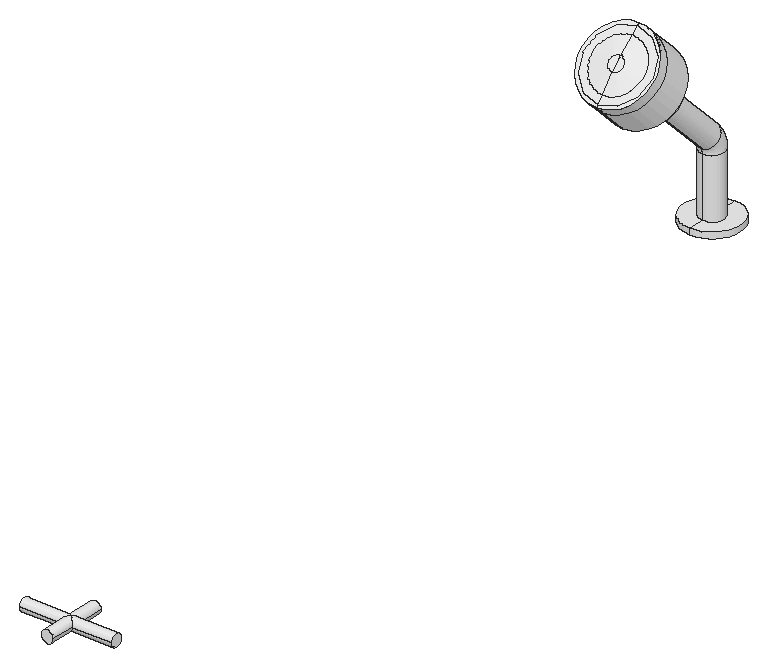
Revit family "Shower-Bath-American_Standard-Aspirations-TU061508_Series", category Plumbing Fixtures, host Face, Revit 2019
Family settings
  Host = Face
  Round Connector Dimension = Use Radius
  Part Type = Normal
  OmniClass Number = 23.45.05.14.17
  OmniClass Title = Showers
  Cut with Voids When Loaded = No
  Shared = Yes
  Room Calculation Point = No
Parameters (values of type "TU064501")
  Width = 7 1/4"  # constant formula
  Waste Connection = no
  Warranty Information = "Limited Lifetime Function and Finish Warranty."  # constant formula
  WFU = 4  # constant formula
  Vent Connection = no
  Valve = yes
  URL = "http://www.americanstandard-us.com/"
  Type Comments = ""
  Spout Connection Size = if(Bath, 1/4", 0")  # 0"
  Spout Connection Description = if(Bath, "1/2'' Global Inlet Connection", "")  # ""
  Specification = "Bath/shower fitting shall feature 3-function showerhead with Max. 2.5gpm/9.5L/min. flow rate. Shall feature double ceramic pressure balance cartridge which is capable of back-to-back installation. Cartridge shall feature integrated check valves to eliminate cross flow. Capable of meeting ASSE1016 @1.3gpm Cartridge shall also feature hot limit safety stop."  # constant formula
  Shower Connection Size = if(Shower, 1/4", 0")  # 1/4"
  Shower Connection Description = if(Shower, "1/2'' Global Inlet Connection", "")  # "1/2'' Global Inlet Connection"
  Shower = yes
  Product Page URL = "https://www.americanstandard-us.com/bathroom/shower-faucets/serin-shower-only-trim-kit-with-cartridge-34372"
  Product Documentation Link = "https://www.americanstandard-us.com/-/media/sites/asus/files/product-specs/shower-faucets/2018-flash/berwick-tub-shower-trim-kit-tu43050x/specsheet-tu430500-tu430501-tu430502.pdf?la=en"
  Price = "Prices may vary. Please consult Manufacturer Representative for most up-to-date price list."  # constant formula
  Model = "TU064501"
  Material = "Brass-American Standard-002-Polished Chrome"
  Manufacturer = "American Standard"  # constant formula
  Length = 4 7/8"  # constant formula
  Installation Type = "Wall Mounted"  # constant formula
  Hot Water Connection Radius = 1/4"  # constant formula
  Hot Water Connection Height = 44"  # constant formula
  Hot Water Connection Diameter = Hot Water Connection Radius * 2  # 1/2"
  Height = 78"  # constant formula
  HWFU = 3  # constant formula
  HW Connection = yes
  Flow Rate = "2.5 gpm (9.5 L/min.)"
  Finish = Metal-American Standard-002-Polished Chrome
  Diverter_Spout Outlet Description = if(Bath, "1/2'' Global Outlet Connection", "")  # ""
  Diverter_Spout Connection = if(Bath, 1/4", 0")  # 0"
  Diverter_Shower Outlet Description = if(Shower, "1/2'' Global Outlet Connection", "")  # "1/2'' Global Outlet Connection"
  Diverter_Shower Connection = if(Shower, 1/4", 0")  # 1/4"
  Description = "TU064501 Serin SHOWER ONLY Trim Kit with Pressure Balance Cartridge Lever handle. LESS valve body."
  Default Elevation = 0"
  Creation Date = "10/05/2018"  # constant formula
  Cold Water Connection Radius = 1/4"  # constant formula
  Cold Water Connection Height = Hot Water Connection Height  # 44"
  Cold Water Connection Diameter = Cold Water Connection Radius * 2  # 1/2"
  CWFU = 3  # constant formula
  CW Connection = yes
  Bath = no
  Assembly Code = "D2020300"
  ADA Compliant = yes
Types (4): name | Spout Connection Size | Spout Connection Description | Shower Connection Size | Shower Connection Description | Shower | Model | Material | Diverter_Spout Outlet Description | Diverter_Spout Connection | Diverter_Shower Outlet Description | Diverter_Shower Connection | Description | Bath
  (no name) | 0" | "" | 1/4" | "1/2'' Global Inlet Connection" | yes | "TU064501" | "Brass-American Standard-002-Polished Chrome" | "" | 0" | "1/2'' Global Outlet Connection" | 1/4" | "TU064501 Serin SHOWER ONLY Trim Kit with Pressure Balance Cartridge Lever handle. LESS valve body." | no
  TU064502 | 1/4" | "1/2'' Global Inlet Connection" | 1/4" | "1/2'' Global Inlet Connection" | yes | "TU064502" | "Metal-American Standard-002-Polished Chrome" | "1/2'' Global Outlet Connection" | 1/4" | "1/2'' Global Outlet Connection" | 1/4" | "TU064502 Serin BATH/SHOWER Trim Kit with Pressure Balance Cartridge Lever handle. LESS valve body." | yes
  TU064501 | 0" | "" | 1/4" | "1/2'' Global Inlet Connection" | yes | "TU064501" | "Brass-American Standard-002-Polished Chrome" | "" | 0" | "1/2'' Global Outlet Connection" | 1/4" | "TU064501 Serin SHOWER ONLY Trim Kit with Pressure Balance Cartridge Lever handle. LESS valve body." | no
  TU064500 | 0" | "" | 0" | "" | no | "TU430500" | "Brass-American Standard-002-Polished Chrome" | "" | 0" | "" | 0" | "TU064500 Serin VALVE ONLY Trim Kit with Pressure Balance Cartridge Lever handle. LESS valve body." | no
Reference planes (in)
  plane 1 "Center (Front/Back)": y = -48
  plane 2: z = 0
  plane 3 "Center (Left/Right)": x = 0
  plane 4: x = 4
  plane 5: x = -4
  plane 6: y = 30
  plane 7: y = -27
  plane 8: z = 0.70746
  plane 9: y = -4
  plane 10 "masking": y = -0.375
  plane 11: y = -7.625
  plane 12: z = 8.125
  plane 13: y = 31.1875
  plane 14: y = 28.8125
  plane 15: y = 25
  plane 16: z = 6.625
  plane 17: z = 2.12143
Forms (in)
  Extrusion 1, solid, material "Metal-American Standard-002-Polished Chrome"
    sketch origin (0, -9, 0) x (0, 1, 0) y (0, 0, 1)
      loop
        circle (5, -0.32281) r 0.25
    from -1.96178 to 1.9424
  Extrusion 2, solid, material "Metal-American Standard-002-Polished Chrome"
    sketch origin (0, -48, 0) x (1, 0, 0) y (0, 0, 1)
      loop
        circle (0, -0.31947) r 0.25
    from -45.28303 to -42.76103
  Sweep 3, solid, material "Metal-American Standard-002-Polished Chrome", visible <- "Shower"
    path origin (0, -15.40647, 0) x (0, 0, -1) y (0, 1, 0)
      loop
        line (0, 45.40647) -> (-2.77727, 45.40647)
        arc (-2.77727, 45.40647) -> (-3.10664, 45.34095) -> (-3.38587, 45.15438) r 0.8607
        line (-3.38587, 45.15438) -> (-5.9827, 42.55755)
    profile origin (0, 30, 1.38863) x (0, -1, 0) y (1, 0, 0)
      loop
        circle (0, 0) r 0.5
  Revolve 4, solid, material "Metal-American Standard-002-Polished Chrome", visible <- "Shower"
    sketch origin (0, -15.91262, 0) x (0, 0, -1) y (0, 1, 0)
      loop
        line (-0.25, 45.91262) -> (0, 45.91262) -> (0, 47.10012) -> (-0.25, 47.10012) -> (-0.25, 45.91262)
      axis (-0.25, 45.91262) -> (0, 45.91262)
    angle from 0 to 360
  Revolve 5, solid, material "Metal-American Standard-002-Polished Chrome", visible <- "Bath"
    sketch origin (0, -37.494, -2.54254) x (0, 0, -1) y (0, 1, 0)
      loop
        line (-3.14305, 10.494) -> (-2.54254, 10.494) -> (-2.54254, 12.00224)
        arc (-2.54254, 12.00224) -> (-2.68103, 11.94488) -> (-2.7384, 11.80638) r 0.19586
        line (-2.7384, 11.80638) -> (-2.7384, 11.50894)
        arc (-2.7384, 11.50894) -> (-2.816, 11.3216) -> (-3.00335, 11.244) r 0.26495
        line (-3.00335, 11.244) -> (-3.14305, 11.244) -> (-3.14305, 10.494)
      axis (-3.14305, 10.494) -> (-2.54254, 10.494)
    angle from 0 to 360
  Revolve 6, solid, material "Metal-American Standard-002-Polished Chrome", visible <- "Bath"
    sketch origin (0, -37.494, -0.79254) x (0, 0, -1) y (0, 1, 0)
      loop
        line (-7.41754, 11.81193) -> (-7.41754, 10.494) -> (-7.26129, 10.494) -> (-7.26129, 10.89171) -> (-7.13629, 10.89171) -> (-7.13629, 11.81193) -> (-7.41754, 11.81193)
      axis (-7.41754, 11.81193) -> (-7.41754, 10.494)
    angle from 0 to 360
  Extrusion 7, solid, material "Metal-American Standard-002-Polished Chrome", visible <- "Shower"
    sketch origin (0, -6, 0) x (1, 0, 0) y (0, 1, 0)
      loop
        circle (0, 36) r 0.25
    from 0 to 0.02683
  Extrusion 8, solid, material "Metal-American Standard-002-Polished Chrome", visible <- "Bath"
    sketch origin (0, -5, 0) x (1, 0, 0) y (0, 1, 0)
      loop
        circle (0, -22) r 0.25
    from 0 to 0.09092
  Revolve 9, solid, material "Metal-American Standard-002-Polished Chrome" <- "Finish", visible <- "Shower"
    sketch origin (0, -5.76562, 1.8125) x (0, 1, 0) y (0, 0, 1)
      loop
        line (33.15108, 3.9202) -> (33.56733, 4.33645) -> (33.21377, 4.69) -> (33.02504, 4.69) -> (32.94263, 4.77241) -> (33.47296, 5.30274) -> (33.02984, 5.74586) -> (33.30654, 6.02257) -> (32.21726, 7.0952) -> (31.89233, 7.43678) -> (31.80829, 7.35274) -> (31.55478, 7.09924)
        arc (31.55478, 7.09924) -> (31.22603, 6.865) -> (30.91271, 6.61049) r 6.39546
        line (30.91271, 6.61049) -> (30.68675, 6.38453) -> (33.15108, 3.9202)
      axis (30.68675, 6.38453) -> (33.15108, 3.9202)
    angle from 0 to 360
  Sweep 10, solid, material "Metal-American Standard-002-Polished Chrome" <- "Finish", visible <- "Bath"
    path origin (0, 0, 0) x (0, 1, 0) y (0, 0, 1)
      loop
        line (-27, 0.60052) -> (-27, 5.71442)
        arc (-27, 5.71442) -> (-27.22559, 6.25903) -> (-27.7702, 6.48462) r 0.7702
        line (-27.7702, 6.48462) -> (-28.21638, 6.48462)
    profile origin (0, -27, 3.15747) x (0, -1, 0) y (1, 0, 0)
      loop
        circle (0, 0) r 0.75
  Extrusion 11, solid, material "Metal-American Standard-002-Polished Chrome" <- "Finish", visible <- "Bath"
    sketch origin (0, -48, 0) x (1, 0, 0) y (0, 0, 1)
      loop
        circle (0, 6.48462) r 0.75
      loop
        circle (0, 6.48462) r 0.5
    from -19.78362 to -19.18262
Cuts and joins
  joined: Extrusion 1, Extrusion 2
  joined: Sweep 3, Revolve 4
  joined: Revolve 5, Revolve 6
Lines and regions (in)
  Masking region 1, visible <- "Shower"
    outline origin (0, -0.375, 0) x (-1, 0, 0) y (0, 0, 1)
      loop
        spline (0.50081, 5.48788) -> (0.56011, 5.50844) -> (0.61773, 5.53127) -> (0.67349, 5.5563) -> (0.72723, 5.58345) -> (0.77878, 5.61264) -> (0.828, 5.64378) -> (0.87473, 5.67678) -> (0.91883, 5.71154) -> (0.96017, 5.74796) -> (0.99863, 5.78592) -> (1.03409, 5.82532) -> (1.06645, 5.86603)
        spline (1.06645, 5.86603) -> (1.14687, 5.92079) -> (1.22169, 5.97938) -> (1.29053, 6.04153) -> (1.35306, 6.10693) -> (1.40897, 6.17526) -> (1.458, 6.24618) -> (1.4999, 6.31935) -> (1.53446, 6.39442) -> (1.56151, 6.47101) -> (1.58094, 6.54875) -> (1.59263, 6.62726) -> (1.59653, 6.70615)
        line (1.59653, 6.70615) -> (1.59653, 8.12037)
        spline (1.59653, 8.12037) -> (1.54213, 8.41255) -> (1.38264, 8.68482) -> (1.12892, 8.91863) -> (0.79827, 9.09804) -> (0.41321, 9.21082) -> (0, 9.24928) -> (-0.41321, 9.21082) -> (-0.79827, 9.09804) -> (-1.12892, 8.91863) -> (-1.38264, 8.68482) -> (-1.54213, 8.41255) -> (-1.59653, 8.12037)
        line (-1.59653, 8.12037) -> (-1.59653, 6.70615)
        spline (-1.59653, 6.70615) -> (-1.59263, 6.62726) -> (-1.58094, 6.54875) -> (-1.56151, 6.47101) -> (-1.53446, 6.39442) -> (-1.4999, 6.31935) -> (-1.458, 6.24618) -> (-1.40897, 6.17526) -> (-1.35306, 6.10693) -> (-1.29053, 6.04153) -> (-1.22169, 5.97938) -> (-1.14687, 5.92079) -> (-1.06645, 5.86603)
        spline (-1.06645, 5.86603) -> (-1.03409, 5.82532) -> (-0.99863, 5.78592) -> (-0.96017, 5.74796) -> (-0.91883, 5.71154) -> (-0.87473, 5.67678) -> (-0.828, 5.64378) -> (-0.77878, 5.61264) -> (-0.72723, 5.58345) -> (-0.67349, 5.5563) -> (-0.61773, 5.53127) -> (-0.56011, 5.50844) -> (-0.50081, 5.48788)
        line (-0.50081, 5.48788) -> (-0.50081, 0.25) -> (-1.1875, 0.25) -> (-1.1875, 0) -> (1.18363, 0) -> (1.18363, 0.25) -> (0.50081, 0.25) -> (0.50081, 5.48788)
  Masking region 2, visible <- "Valve"
    outline origin (0, -0.375, 0) x (-1, 0, 0) y (0, 0, 1)
      loop
        line (-3.625, 0.62143) -> (-3.625, 0) -> (3.625, 0) -> (3.625, 0.62143) -> (1.03571, 0.62143) -> (1.03571, 1.52756) -> (1.11158, 1.52756) -> (1.11158, 2.91251) -> (-1.11158, 2.91251) -> (-1.11158, 1.52756) -> (-1.03571, 1.52756) -> (-1.03571, 0.62143) -> (-3.625, 0.62143)
  Masking region 3, visible <- "Bath"
    outline origin (0, -0.375, 0) x (-1, 0, 0) y (0, 0, 1)
      loop
        line (-0.625, 2.91251) -> (0.625, 2.91251) -> (0.625, 6.26278)
        arc (0.625, 6.26278) -> (0.56735, 6.40196) -> (0.42817, 6.45961) r 0.19683
        line (0.42817, 6.45961) -> (-0.42528, 6.45961)
        arc (-0.42528, 6.45961) -> (-0.5665, 6.40111) -> (-0.625, 6.25989) r 0.19972
        line (-0.625, 6.25989) -> (-0.625, 2.91251)
  symbolic lines, visible <- "Shower", detail levels medium+fine
    curve 1: spline (-1.58476, -48, 7.89579) -> (-1.53076, -48, 8.18582) -> (-1.37244, -48, 8.45608) -> (-1.12059, -48, 8.68817) -> (-0.79238, -48, 8.86625) -> (-0.41016, -48, 8.9782) -> (0, -48, 9.01638) -> (0.41016, -48, 8.9782) -> (0.79238, -48, 8.86625) -> (1.12059, -48, 8.68817) -> (1.37244, -48, 8.45608) -> (1.53076, -48, 8.18582) -> (1.58476, -48, 7.89579)
    curve 4: spline (-1.07185, -48, 5.87337) -> (-1.19454, -48, 6.14989) -> (-1.17909, -48, 6.43949) -> (-1.02729, -48, 6.70868) -> (-0.75668, -48, 6.92634) -> (-0.39857, -48, 7.06729) -> (0.00563, -48, 7.11523) -> (0.40918, -48, 7.06462) -> (0.76541, -48, 6.92131) -> (1.03313, -48, 6.70188) -> (1.18137, -48, 6.43169) -> (1.19299, -48, 6.142) -> (1.06665, -48, 5.86631)
  symbolic lines, visible <- "Shower", detail levels fine
    curve 2: spline (-1.58476, -48, 6.84301) -> (-1.48664, -48, 7.11775) -> (-1.29485, -48, 7.36656) -> (-1.02148, -48, 7.57376) -> (-0.68375, -48, 7.7263) -> (-0.30294, -48, 7.81456) -> (0.09695, -48, 7.83299) -> (0.49074, -48, 7.78042) -> (0.8536, -48, 7.66016) -> (1.16269, -48, 7.4798) -> (1.39852, -48, 7.25069) -> (1.54624, -48, 6.98728) -> (1.59653, -48, 6.70615)
    curve 3: spline (-1.20107, -48, 6.77674) -> (-1.13709, -48, 6.98859) -> (-0.99964, -48, 7.1822) -> (-0.7976, -48, 7.34504) -> (-0.54401, -48, 7.4666) -> (-0.25528, -48, 7.53903) -> (0.04996, -48, 7.55763) -> (0.35196, -48, 7.52121) -> (0.63122, -48, 7.43213) -> (0.86969, -48, 7.29613) -> (1.05197, -48, 7.12202) -> (1.16627, -48, 6.92103) -> (1.20521, -48, 6.70615)
    curve 5: line (1.20521, -48, 6.70615) -> (1.20521, -48, 6.26303)
    curve 6: line (-1.20107, -48, 6.77674) -> (-1.20107, -48, 6.27674)
Dimensions and locks (in)
  plane 6 to plane 1 "Center (Front/Back)" = 78"
  plane 12 to host face = 8 1/8"
  plane 16 to host face = 6 5/8"
  plane 7 to plane 1 "Center (Front/Back)" = 21"
  plane 9 to plane 1 "Center (Front/Back)" = 44"
  plane 15 to plane 1 "Center (Front/Back)" = 73"
  locked: plane 17 to host face at 2.12143
  plane 10 "masking" to plane 11 = 7 1/4"
  plane 1 "Center (Front/Back)" to plane 7 = 21"
  plane 1 "Center (Front/Back)" to plane 9 = 44"
  plane 1 "Center (Front/Back)" to plane 6 = 78"
  plane 16 to plane 2 = 6 5/8"
  aligned and locked: plane 2 to host face
  aligned and locked: level to host face
  aligned and locked: Masking region 1 sketch curve to cut or joined group of Sweep 3, Revolve 4
Automatic sketch dimensions
  curve 3 to plane 3 "Center (Left/Right)" = 0"
  curve 2 to plane 3 "Center (Left/Right)" = 0"
  curve 4 to plane 3 "Center (Left/Right)" = 0"
  curve 1 to plane 3 "Center (Left/Right)" = 0"
  plane 16 to curve 6 = 0.15174"
  curve 6 to plane 3 "Center (Left/Right)" = 1.20107"
  plane 16 to curve 5 = 0.08115"
  plane 3 "Center (Left/Right)" to curve 5 = 1.20521"
  curve 6 to curve 4 = 0.12922"
  plane 16 to curve 2 = 0.21801"
  curve 2 to curve 3 = 0.38369"
  curve 1 to plane 12 = 0.22921"
  curve 1 to curve 2 = 0"
  plane 16 to curve 2 = 0.08115"
  curve 2 to curve 2 = 0.01177"
  curve 4 to curve 4 = 0.13855"
  curve 6 to plane 16 = 0.34826"
  curve 4 to plane 16 = 0.36197"
  curve 5 to curve 4 = 0"
  curve 4 to curve 6 = 0.40337"
  host sketch curve to host sketch curve = 96"  (x2)
  Extrusion 1 sketch curve to plane 9 = 0"
  Extrusion 1 sketch curve to level = 0.32281"
  Extrusion 2 sketch curve to plane 3 "Center (Left/Right)" = 0"
  Extrusion 2 sketch curve to level = 0.31947"
  Sweep 3 sketch curve to plane 6 = 0"
  Sweep 3 sketch curve to level = 0"
  plane 17 to Sweep 3 sketch curve = 0.65584"
  Sweep 3 sketch curve to plane 6 = 0.25209"
  Sweep 3 sketch curve to Sweep 3 sketch curve = 0.6086"
  Sweep 3 sketch curve to plane 16 = 0.6423"
  Sweep 3 sketch curve to plane 14 = 1.66142"
  Sweep 3 sketch curve to profile plane = 0"  (x2)
  Revolve 4 sketch curve to plane 6 = 0"  (x2)
  Revolve 4 sketch curve to plane 13 = 0"
  Revolve 4 sketch curve to level = 0"
  Revolve 4 sketch curve to Revolve 4 sketch curve = 1/4"
  Revolve 4 sketch curve to Revolve 4 sketch curve = 0.38619"  (x2)
  Revolve 5 sketch curve to plane 7 = 0"  (x2)
  Revolve 5 sketch curve to level = 0"
  level to Revolve 5 sketch curve = 0.19586"
  Revolve 5 sketch curve to Revolve 5 sketch curve = 0.26495"
  Revolve 5 sketch curve to Revolve 5 sketch curve = 0.60052"
  plane 7 to Revolve 5 sketch curve = 3/4"
  Revolve 5 sketch curve to Revolve 5 sketch curve = 0.29744"
  Revolve 5 sketch curve to level = 0.7912"
  Revolve 5 sketch curve to Revolve 5 sketch curve = 1 1/4"
  Revolve 6 sketch curve to plane 16 = 0"  (x2)
  Revolve 6 sketch curve to plane 7 = 0"
  Revolve 6 sketch curve to Revolve 6 sketch curve = 5/32"
  Revolve 6 sketch curve to Revolve 6 sketch curve = 9/32"
  Revolve 6 sketch curve to Revolve 6 sketch curve = 0.39772"
  Revolve 6 sketch curve to Revolve 6 sketch curve = 0.92022"
  Revolve 6 sketch curve to Revolve 6 sketch curve = 0.03499"
  Revolve 6 sketch curve to Revolve 6 sketch curve = 1/4"
  Extrusion 7 sketch curve to plane 3 "Center (Left/Right)" = 0"
  Extrusion 7 sketch curve to plane 6 = 0"
  Extrusion 8 sketch curve to plane 3 "Center (Left/Right)" = 0"
  Extrusion 8 sketch curve to plane 7 = 0"
  Masking region 1 sketch curve to level = 0"
  Masking region 1 sketch curve to plane 3 "Center (Left/Right)" = 0"  (x5)
  plane 3 "Center (Left/Right)" to Masking region 1 sketch curve = 0.50081"
  Masking region 1 sketch curve to Masking region 1 sketch curve = 0.68669"
  plane 16 to Masking region 1 sketch curve = 0.08115"
  plane 3 "Center (Left/Right)" to Masking region 1 sketch curve = 1.59653"
  Masking region 1 sketch curve to plane 3 "Center (Left/Right)" = 0.50081"
  level to Masking region 1 sketch curve = 1/4"
  Masking region 1 sketch curve to Masking region 1 sketch curve = 0.68282"
  Masking region 1 sketch curve to plane 16 = 1.13712"
  Masking region 1 sketch curve to Masking region 1 sketch curve = 0"  (x3)
  Masking region 1 sketch curve to plane 12 = 0.00463"
  Masking region 1 sketch curve to Masking region 1 sketch curve = 0.56563"  (x2)
  Masking region 1 sketch curve to Masking region 1 sketch curve = 0.13876"
  Masking region 1 sketch curve to Masking region 1 sketch curve = 0.37815"  (x2)
  Masking region 2 sketch curve to level = 0"
  Masking region 2 sketch curve to plane 4 = 3/8"
  plane 3 "Center (Left/Right)" to Masking region 2 sketch curve = 1.11158"
  Masking region 2 sketch curve to Masking region 2 sketch curve = 0.07587"  (x2)
  Masking region 2 sketch curve to plane 3 "Center (Left/Right)" = 1.03571"
  Masking region 2 sketch curve to plane 5 = 3/8"
  Masking region 2 sketch curve to Masking region 2 sketch curve = 0.62143"  (x2)
  Masking region 2 sketch curve to plane 17 = 0.59387"  (x2)
  Masking region 3 sketch curve to plane 16 = 0.36511"
  plane 3 "Center (Left/Right)" to Masking region 3 sketch curve = 5/8"
  Masking region 3 sketch curve to plane 16 = 0.16539"
  Masking region 3 sketch curve to plane 3 "Center (Left/Right)" = 0.42817"
  Masking region 3 sketch curve to plane 3 "Center (Left/Right)" = 5/8"
  Revolve 9 sketch curve to plane 15 = 0.07888"
  plane 15 to Revolve 9 sketch curve = 0.14708"
  plane 15 to Revolve 9 sketch curve = 0.78916"
  Revolve 9 sketch curve to Revolve 9 sketch curve = 0.25351"  (x2)
  Revolve 9 sketch curve to Revolve 9 sketch curve = 0.08404"  (x2)
  Revolve 9 sketch curve to Revolve 9 sketch curve = 0.32493"
  Revolve 9 sketch curve to plane 16 = 0.04009"
  Revolve 9 sketch curve to plane 14 = 1.6355"
  Revolve 9 sketch curve to Revolve 9 sketch curve = 0.08241"
  Revolve 9 sketch curve to plane 12 = 0.56664"
  Revolve 9 sketch curve to Revolve 9 sketch curve = 0.08721"
  Revolve 9 sketch curve to Revolve 9 sketch curve = 0.12604"
  Revolve 9 sketch curve to Revolve 9 sketch curve = 0.18874"
  Revolve 9 sketch curve to plane 12 = 0.28993"
  Revolve 9 sketch curve to Revolve 9 sketch curve = 0.27671"
  Revolve 9 sketch curve to plane 16 = 0.47605"
  Revolve 9 sketch curve to Revolve 9 sketch curve = 0.35355"
  plane 14 to Revolve 9 sketch curve = 0.52154"
  plane 17 to Revolve 9 sketch curve = 1.46718"
  Revolve 9 sketch curve to Revolve 9 sketch curve = 0.00403"
  Revolve 9 sketch curve to Revolve 9 sketch curve = 0.3686"  (x2)
  Revolve 9 sketch curve to Revolve 9 sketch curve = 0.22068"  (x2)
  Sweep 10 sketch curve to plane 3 "Center (Left/Right)" = 0"
  Sweep 10 sketch curve to profile plane = 0"
  Extrusion 11 sketch curve to Extrusion 11 sketch curve = 0"  (x2)
  Extrusion 11 sketch curve to plane 3 "Center (Left/Right)" = 0"
  Extrusion 11 sketch curve to plane 16 = 0.14038"
  Sweep 10 sketch curve to plane 7 = 0"
  Sweep 10 sketch curve to plane 16 = 0.14038"
  Sweep 10 sketch curve to plane 7 = 0.7702"
  Sweep 10 sketch curve to Sweep 10 sketch curve = 0.44617"
  level to Sweep 10 sketch curve = 0.60052"
  plane 17 to Masking region 2 sketch curve = 0.79108"
  plane 17 to Masking region 3 sketch curve = 0.79108"
  radius of Extrusion 1 sketch curve = 1/4"
  radius of Extrusion 2 sketch curve = 1/4"
  radius of Sweep 3 sketch curve = 1/2"
  radius of Extrusion 7 sketch curve = 1/4"
  radius of Extrusion 8 sketch curve = 1/4"
  radius of Sweep 10 sketch curve = 3/4"
  radius of Extrusion 11 sketch curve = 3/4"
  radius of Extrusion 11 sketch curve = 1/2"
Connectors (in)
  piping at (-1.96178, -4, -0.32281), diameter 0.5, driven by "Hot Water Connection Radius", driven by "HWFU"
    settings: on cut or joined group of Extrusion 1, Extrusion 2, index 5, connector inside diameter 1/2", connector length 0", flow factor 0, pipe flow 0 GPM, pressure drop 0.00 psi, fitting loss kfactor 0, connector angle 0.00°, fixture units 3, engagement length 0", angle of deflection 0.00°, flow configuration 3, flow direction 1, fitting loss method 0, system type 19, joint type 0, gender type 0, connector reference index -1, connector utility 0, adjustable connector no, is connector primary yes, connector description "1/2\" HW NPT Inlet Connection"
  piping at (0, -2.71697, -0.31947), diameter 0.5, driven by "Diverter_Shower Connection", driven by "Diverter_Shower Outlet Description"
    settings: on cut or joined group of Extrusion 1, Extrusion 2, index 6, connector inside diameter 1/2", connector length 0", flow factor 0, pipe flow 0 GPM, pressure drop 0.00 psi, fitting loss kfactor 0, connector angle 0.00°, fixture units 0, engagement length 0", angle of deflection 0.00°, flow configuration 0, flow direction 2, fitting loss method 0, system type 29, joint type 0, gender type 0, connector reference index -1, connector utility 0, adjustable connector no, is connector primary no, connector description "1/2'' Global Outlet Connection"
  piping at (0, -5.23897, -0.31947), driven by "Diverter_Spout Connection", driven by "Diverter_Spout Outlet Description"
    settings: on cut or joined group of Extrusion 1, Extrusion 2, index 7, connector diameter 0", connector inside diameter 1/2", connector length 0", flow factor 0, pipe flow 0 GPM, pressure drop 0.00 psi, fitting loss kfactor 0, connector angle 0.00°, fixture units 0, engagement length 0", angle of deflection 0.00°, flow configuration 0, flow direction 2, fitting loss method 0, system type 29, joint type 0, gender type 0, connector reference index -1, connector utility 0, adjustable connector no, is connector primary no, connector description ""
  piping at (1.9424, -4, -0.32281), diameter 0.5, driven by "Cold Water Connection Radius", driven by "CWFU"
    settings: on cut or joined group of Extrusion 1, Extrusion 2, index 8, connector inside diameter 1/2", connector length 0", flow factor 0, pipe flow 0 GPM, pressure drop 0.00 psi, fitting loss kfactor 0, connector angle 0.00°, fixture units 3, engagement length 0", angle of deflection 0.00°, flow configuration 3, flow direction 1, fitting loss method 0, system type 20, joint type 0, gender type 0, connector reference index -1, connector utility 0, adjustable connector no, is connector primary no, connector description "1/2\" CW NPT Inlet Connection"
  piping at (0, -27, 0), driven by "Spout Connection Size", driven by "Spout Connection Description"
    settings: on Extrusion 8, index 10, connector diameter 0", connector inside diameter 24", connector length 0", flow factor 0, pipe flow 0 GPM, pressure drop 0.00 psi, fitting loss kfactor 0, connector angle 0.00°, fixture units 0, engagement length 0", angle of deflection 0.00°, flow configuration 0, flow direction 2, fitting loss method 0, system type 29, joint type 0, gender type 0, connector reference index -1, connector utility 0, adjustable connector no, is connector primary no, connector description ""
  piping at (0, 30, 0), diameter 0.5, driven by "Shower Connection Size", driven by "Shower Connection Description"
    settings: on Extrusion 7, index 11, connector inside diameter 24", connector length 0", flow factor 0, pipe flow 2.5 GPM, pressure drop 0.00 psi, fitting loss kfactor 0, connector angle 0.00°, fixture units 0, engagement length 0", angle of deflection 0.00°, flow configuration 0, flow direction 1, fitting loss method 0, system type 29, joint type 0, gender type 0, connector reference index -1, connector utility 0, adjustable connector no, is connector primary no, connector description "1/2'' Global Inlet Connection"
